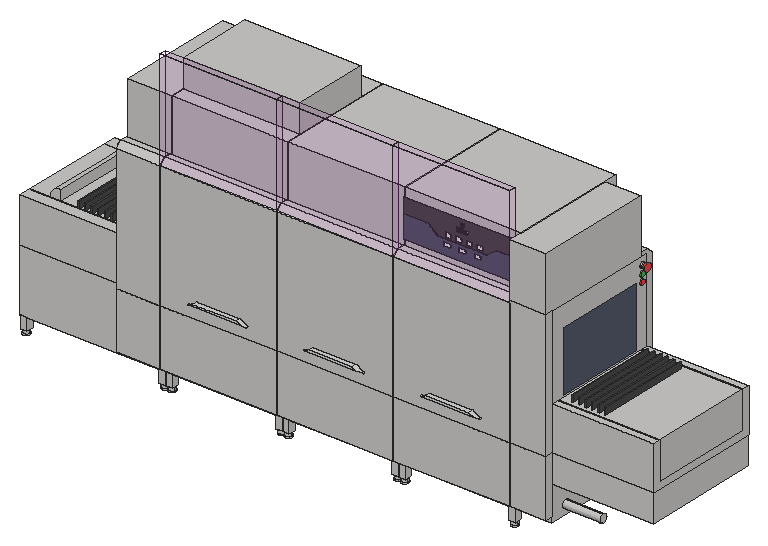
Revit family "QF_ELECTROLUXPROFESSIONAL_520704_EFTD052EL2U1D1M5R385", category Attrezzature speciali, Revit 2020
Family settings
  Quota connettore circolare = Usa diametro
  Tipo di parte = Normale
  Basato su piano di lavoro = No
  Sempre verticale = Sì
  Taglio con vuoti quando caricato = No
  Condiviso = No
  Punto di calcolo locali = No
Parameters (values of type "Standard")
  Weight = 899.00 kg
  Watts = 46500 W
  Volts = 380 V
  URL Manufacturer = "https://www.electroluxprofessional.com/"
  URL = "https://www.electroluxprofessional.com/"
  Steam Supply Size = 0 mm
  Steam Supply Minimum Pressure = 0.0 Pa
  Steam Supply Maximum Pressure = 0.0 Pa
  Steam Consumption per Hour = 0
  Show Logo [instance] = yes
  Show Clearance [instance] = yes
  Refrigeration Suction Line Size = 0 mm
  Refrigeration Liquid Line Size = 0 mm
  Refrigerant Compressor Remote = yes
  Prospetto di default = 0 mm
  Produttore = "Electrolux Professional"
  Phase = 3
  Modello = "EFTD052EL2U1D1M5R385"
  Length Actual = 4350 mm  # constant formula
  Item Number = "520704"
  Hot Water Size = 0 mm
  Height Actual = 1983 mm  # constant formula
  HP = "62.4 HP"
  Gas Size = 0 mm
  Gas KW = 0
  Gas Input Pressure = 0 W
  Direct Waste Size = 50.8 mm
  Descrizione = "FT, 1Tank, 5200D/H, El., 950mm loading, 1000mm unloading, 1Dryer, 55mm conveyor,R>L,380V50Hz3P"
  Depth Actual = 946 mm  # constant formula
  Cycle = 50 Hz
  Condensate Return Size = 0 mm
  Compressed Air Volume = 0.0 L/s
  Compressed Air Size = 0 mm
  Compressed Air Pressure = 0.0 Pa
  Cold Water Size = 0 mm
  Accessory = yes
Reference planes
  plane 1 "Centro (Fronte/Retro)": y = 0
  plane 2: z = 0
  plane 3 "Centro (Sinistra/Destra)": x = 0
  plane 4: z = 115
Forms (mm)
  Extrusion 1, solid, material "QF_Finishes_Stainless Steel"
    sketch origin (2282.404, 2, 1806.023) x (1, 0, 0) y (0, 0, 1)
      loop
        line (407.596, -163.023) -> (407.596, -183.023) -> (427.596, -183.023) -> (427.596, -163.023) -> (407.596, -163.023)
    from 0 to 2
  Extrusion 2, solid, material "QF_Finishes_Stainless Steel"
    sketch origin (-5.617, 22.464, 1290.159) x (0, 0, -1) y (0, 1, 0)
      loop
        circle (1102.159, -772.464) r 25
    from -9.383 to 5.617
  Extrusion 3, solid, material "QF_Finishes_Stainless Steel"
    sketch origin (2942.404, 2, 337.984) x (1, 0, 0) y (0, 0, 1)
      loop
        line (407.596, -163.023) -> (407.596, -183.023) -> (427.596, -183.023) -> (427.596, -163.023) -> (407.596, -163.023)
    from 0 to 2
  Extrusion 4, solid, material "QF_Finishes_Stainless Steel"
    sketch origin (347.841, 200.464, 109.383) x (1, 0, 0) y (0, 1, 0)
      loop
        circle (1102.159, -772.464) r 10
    from -9.383 to 5.617
  Extrusion 5, solid, material "QF_Finishes_Stainless Steel"
    sketch origin (418.841, 200.464, 109.383) x (1, 0, 0) y (0, 1, 0)
      loop
        circle (1102.159, -772.464) r 10
    from -9.383 to 5.617
  Extrusion 6, solid, material "QF_Finishes_Stainless Steel"
    sketch origin (3905.617, -1522.464, 1290.159) x (0, 0, -1) y (0, -1, 0)
      loop
        circle (1102.159, -772.464) r 25
    from -9.383 to 255.617
Dimensions and locks
  plane 4 to level = 115 mm
  aligned and locked: level to plane 2
Nested families
  nested 1: "MODULO_CENTER_800_FAN" at (1383.563, -388.258, 0), Show Clearance <- "Show Clearance", type "MODULO_CENTER_800_FAN"
    with Show Logo yes, Show Clearance yes, R_L no, L_R yes
  nested 2: "MODULO_CENTER_800" at (2983.563, -388.258, 0), Show Clearance <- "Show Clearance", type "MODULO_CENTER_800"
    with Show Logo yes, Show Clearance yes, R_L no, L_R yes
  nested 3: "MODULO_ENTRY_DISH_950" at (3791.437, -523.742, 0) x (-1, 0, 0) z (0, 0, 1), type "MODULO_ENTRY_DISH_950"
    with Show Logo yes, Show Clearance yes, R_L no, L_R yes
  nested 4: "MODULO_USCITA_DISH_1000" at (641.437, -523.742, 0) x (-1, 0, 0) z (0, 0, 1), type "MODULO_USCITA_DISH_1000"
    with Show Logo yes, Show Clearance yes, R_L no, L_R yes
  nested 5: "Piedino_Square_115H" at (23.5, -838.5, 0), type "Piedino_Square_115H"
  nested 6: "Piedino_Square_115H" at (23.5, -73.5, 0), type "Piedino_Square_115H"
  nested 7: "Piedino_Square_115H" at (976.5, -838.5, 0), type "Piedino_Square_115H"
  nested 8: "Piedino_Square_115H" at (976.5, -73.5, 0), type "Piedino_Square_115H"
  nested 9: "Piedino_Square_115H" at (1023.5, -838.5, 0), type "Piedino_Square_115H"
  nested 10: "Piedino_Square_115H" at (1023.5, -73.5, 0), type "Piedino_Square_115H"
  nested 11: "Piedino_Square_115H" at (1776.5, -838.5, 0), type "Piedino_Square_115H"
  nested 12: "Piedino_Square_115H" at (1776.5, -73.5, 0), type "Piedino_Square_115H"
  nested 13: "Piedino_Square_115H" at (1823.5, -838.5, 0) x (-1, 0, 0) z (0, 0, 1), type "Piedino_Square_115H"
  nested 14: "Piedino_Square_115H" at (1823.5, -73.5, 0) x (-1, 0, 0) z (0, 0, 1), type "Piedino_Square_115H"
  nested 15: "Piedino_Square_115H" at (2576.5, -838.5, 0) x (-1, 0, 0) z (0, 0, 1), type "Piedino_Square_115H"
  nested 16: "Piedino_Square_115H" at (2576.5, -73.5, 0) x (-1, 0, 0) z (0, 0, 1), type "Piedino_Square_115H"
  nested 17: "Piedino_Square_115H" at (2623.5, -838.5, 0), type "Piedino_Square_115H"
  nested 18: "Piedino_Square_115H" at (2623.5, -73.5, 0), type "Piedino_Square_115H"
  nested 19: "Piedino_Square_115H" at (3376.5, -838.5, 0), type "Piedino_Square_115H"
  nested 20: "Piedino_Square_115H" at (3376.5, -73.5, 0), type "Piedino_Square_115H"
  nested 21: "MANIGLIA_FLIGHT_400" at (3000, -912, 639.28) x (1, 0, 0) z (0, -1, 0), type "MANIGLIA_FLIGHT_400"
  nested 22: "MANIGLIA_FLIGHT_400" at (2200, -912, 639.28) x (1, 0, 0) z (0, -1, 0), type "MANIGLIA_FLIGHT_400"
  nested 23: "MANIGLIA_FLIGHT_400" at (1400, -912, 639.28) x (1, 0, 0) z (0, -1, 0), type "MANIGLIA_FLIGHT_400"
  nested 24: "Schermo_Flight_800" at (3000, -815, 1583) x (1, 0, 0) z (0, -1, 0), type "Schermo_Flight_800"
  nested 25: "ELX_LOGO_WORDS_WHITE" at (3000, -816.6, 1663) x (1, 0, 0) z (0, -1, 0), Show Logo <- "Show Logo", visible <- "Show Logo", type "ELX_LOGO_WORDS_WHITE"
    with Show Logo yes
  nested 26: "ELX_LOGO_MONO_SMALL_WHITE" at (2990.08, -816.6, 1649) x (-1, 0, 0) z (0, -1, 0), Show Logo <- "Show Logo", visible <- "Show Logo", type "ELX_LOGO_MONO_SMALL_WHITE"
    with Show Logo yes
  nested 27: "MODULO_CENTER_800" at (2216.437, -388.258, 0) x (-1, 0, 0) z (0, 0, 1), Show Clearance <- "Show Clearance", type "MODULO_CENTER_800"
    with Show Logo yes, Show Clearance yes, R_L no, L_R yes
Connectors
  electrical at (2700, 2, 1633)
    settings: on Extrusion 1, index 69, voltage 0 V, apparent load 0 VA, apparent load phase1 0 VA, apparent load phase2 0 VA, apparent load phase3 0 VA, power factor 1, load classification "Altro", number of poles 1, system type 30, power factor state 1, is connector primary yes, connector utility no, sub classification motor no, connector description "EI"
  piping at (-15, -750, 188), diameter 50
    settings: on Extrusion 2, index 70, connector inside diameter 609.6 mm, connector length 0 mm, flow factor 0, pipe flow 0.0 L/s, pressure drop 0.0 Pa, fitting loss kfactor 0, connector angle 0.00°, fixture units 0, engagement length 0 mm, angle of deflection 0.00°, flow configuration 0, flow direction 0, fitting loss method 0, system type 29, joint type 0, gender type 0, connector reference index -1, connector utility 0, adjustable connector no, is connector primary yes, connector description "D"
  electrical at (3360, 2, 164.961)
    settings: on Extrusion 3, index 71, voltage 0 V, apparent load 0 VA, apparent load phase1 0 VA, apparent load phase2 0 VA, apparent load phase3 0 VA, power factor 1, load classification "Altro", number of poles 1, system type 30, power factor state 1, is connector primary no, connector utility no, sub classification motor no, connector description "EQ"
  piping at (1450, -572, 100), diameter 19.1
    settings: on Extrusion 4, index 72, connector inside diameter 609.6 mm, connector length 0 mm, flow factor 0, pipe flow 0.0 L/s, pressure drop 0.0 Pa, fitting loss kfactor 0, connector angle 0.00°, fixture units 0, engagement length 0 mm, angle of deflection 0.00°, flow configuration 0, flow direction 0, fitting loss method 0, system type 29, joint type 0, gender type 0, connector reference index -1, connector utility 0, adjustable connector no, is connector primary no, connector description "HWI/CWI"
  piping at (1521, -572, 100), diameter 19.1
    settings: on Extrusion 5, index 73, connector inside diameter 609.6 mm, connector length 0 mm, flow factor 0, pipe flow 0.0 L/s, pressure drop 0.0 Pa, fitting loss kfactor 0, connector angle 0.00°, fixture units 0, engagement length 0 mm, angle of deflection 0.00°, flow configuration 0, flow direction 0, fitting loss method 0, system type 29, joint type 0, gender type 0, connector reference index -1, connector utility 0, adjustable connector no, is connector primary no, connector description "HWI/CWI"
  piping at (3915, -750, 188), diameter 50
    settings: on Extrusion 6, index 74, connector inside diameter 609.6 mm, connector length 0 mm, flow factor 0, pipe flow 0.0 L/s, pressure drop 0.0 Pa, fitting loss kfactor 0, connector angle 0.00°, fixture units 0, engagement length 0 mm, angle of deflection 0.00°, flow configuration 0, flow direction 0, fitting loss method 0, system type 29, joint type 0, gender type 0, connector reference index -1, connector utility 0, adjustable connector no, is connector primary no, connector description ""
Definition of nested family "MODULO_CENTER_800_FAN"
  Parameters (values of type "MODULO_CENTER_800_FAN")
    URL = "http://professional.electrolux.com"
    Show Logo [instance] = yes
    R_L [instance] = not(L_R)  # no
    Default Elevation = 0 mm
    Manufacturer = "Electrolux"
    Model = "ESR10E5"
    Length Actual = 800 mm
    Show Clearance [instance] = yes
    L_R [instance] = yes
    Height Actual = 1792 mm
    Description = "SINGLE RINSE RT, 100R/H, ELECTRIC 50HZ"
    Depth Actual = 912 mm
  Reference planes
    plane 1 "Center X": y = -67.742
    plane 2: z = 0
    plane 3 "LEFT": x = -383.563
    plane 4 "RIGHT": x = 416.437
    plane 5 "BACK": y = 388.258
    plane 6 "FEET": z = 115
    plane 7: z = 2092
    plane 8 "TOP": z = 1792
    plane 9 "FRONT": y = -523.742
    plane 10 "Left/Right": x = 16.437
    plane 11 "TopVent": z = 1983
  Forms (mm)
    Extrusion 1, solid
      sketch origin (416.437, 479.936, 4000) x (0, 1, 0) y (0, 0, 1)
        loop
          line (-91.678, -2208) -> (-906.678, -2208) -> (-906.678, -2580) -> (-91.678, -2580) -> (-91.678, -2208)
      from -800 to 0
    Extrusion 2, solid
      sketch origin (-383.563, 437.565, 3910) x (0, 1, 0) y (0, 0, 1)
        loop
          line (-99.307, -2490) -> (-911.307, -2490) -> (-911.307, -3552) -> (-99.307, -3552) -> (-99.307, -2490)
      from 800 to 0
    Extrusion 3, solid
      sketch origin (416.437, 479.936, 4299) x (0, 1, 0) y (0, 0, 1)
        loop
          line (-278.21, -2316) -> (-803.678, -2316) -> (-803.678, -2507) -> (-278.21, -2507) -> (-278.21, -2316)
      from -800 to 0
    Extrusion 4, solid
      sketch origin (16.437, 0, 1.5) x (0, 0, 1) y (0, -1, 0)
        loop
          line (356.5, -338.258) -> (356.5, 473.742) -> (113.5, 473.742) -> (113.5, -338.258) -> (356.5, -338.258)
      from 400 to -400
    Extrusion 5, solid
      sketch origin (16.437, 0, 0) x (0, 0, 1) y (0, -1, 0)
        loop
          line (1420, -338.258) -> (545, -338.258) -> (545, -388.258) -> (1420, -388.258) -> (1420, -338.258)
      from -400 to 400
    Extrusion 6, solid
      sketch origin (16.437, 0, 0) x (0, 0, 1) y (0, -1, 0)
        loop
          line (545, -388.258) -> (545, -338.258) -> (154, -338.258) -> (154, -388.258) -> (545, -388.258)
      from -400 to 400
    Extrusion 7, solid
      sketch origin (16.437, -882.484, -150) x (0, -1, 0) y (0, 0, 1)
        loop
          line (-358.742, 304) -> (-358.742, 695) -> (-408.742, 695) -> (-408.742, 304) -> (-358.742, 304)
      from -400 to 400
    Extrusion 8, solid
      sketch origin (16.437, -882.484, -151) x (0, -1, 0) y (0, 0, 1)
        loop
          line (-408.742, 1571) -> (-408.742, 696) -> (-358.742, 696) -> (-358.742, 1556) -> (-395.742, 1593) -> (-443.742, 1593) -> (-443.742, 1571) -> (-408.742, 1571)
      from -400 to 400
    Extrusion 9, solid, visible <- "Show Clearance"
      sketch origin (16.437, -882.484, 452) x (0, -1, 0) y (0, 0, 1)
        loop
          line (-408.742, 1640) -> (-408.742, 953.624) -> (-358.742, 953.624) -> (-358.742, 1640) -> (-408.742, 1640)
      from -400 to 400
  Dimensions and locks
    plane 3 "LEFT" to plane 4 "RIGHT" = 800 mm
    plane 5 "BACK" to plane 1 "Center X" to plane 9 "FRONT" = 456 mm, 456 mm
    plane 6 "FEET" to level = 115 mm  (x2)
    plane 6 "FEET" to plane 8 "TOP" = 1677 mm
    plane 5 "BACK" to plane 9 "FRONT" = 912 mm  (x2)
    plane 4 "RIGHT" to plane 3 "LEFT" = 800 mm
    plane 9 "FRONT" to plane 5 "BACK" = 912 mm
    level to plane 8 "TOP" = 1792 mm  (x2)
    plane 7 to level = 2092 mm
    plane 11 "TopVent" to plane 2 = 1983 mm
    plane 7 to plane 2 = 2092 mm
    Extrusion 2 to level = 1420 mm
    Extrusion 8 to level = 1442 mm
    plane 11 "TopVent" to level = 1983 mm
    aligned and locked: level to plane 2
Definition of nested family "MODULO_CENTER_800"
  Parameters (values of type "MODULO_CENTER_800")
    URL = "http://professional.electrolux.com"
    Show Logo [instance] = yes
    R_L [instance] = not(L_R)  # no
    Default Elevation = 0 mm
    Manufacturer = "Electrolux"
    Model = "ESR10E5"
    Length Actual = 800 mm
    Show Clearance [instance] = yes
    L_R [instance] = yes
    Height Actual = 1792 mm
    Description = "SINGLE RINSE RT, 100R/H, ELECTRIC 50HZ"
    Depth Actual = 912 mm
  Reference planes
    plane 1 "Center X": y = -67.742
    plane 2: z = 0
    plane 3 "LEFT": x = -383.563
    plane 4 "RIGHT": x = 416.437
    plane 5 "BACK": y = 388.258
    plane 6 "FEET": z = 115
    plane 7: z = 2092
    plane 8 "TOP": z = 1792
    plane 9 "FRONT": y = -523.742
    plane 10 "Left/Right": x = 16.437
  Forms (mm)
    Extrusion 1, solid
      sketch origin (416.437, 479.936, 4000) x (0, 1, 0) y (0, 0, 1)
        loop
          line (-91.678, -2208) -> (-906.678, -2208) -> (-906.678, -2580) -> (-91.678, -2580) -> (-91.678, -2208)
      from -800 to 0
    Extrusion 2, solid
      sketch origin (-383.563, 437.565, 3915) x (0, 1, 0) y (0, 0, 1)
        loop
          line (-99.307, -2495) -> (-911.307, -2495) -> (-911.307, -3557) -> (-99.307, -3557) -> (-99.307, -2495)
      from 800 to 0
    Extrusion 3, solid
      sketch origin (16.437, 0, 1.5) x (0, 0, 1) y (0, -1, 0)
        loop
          line (356.5, -338.258) -> (356.5, 473.742) -> (113.5, 473.742) -> (113.5, -338.258) -> (356.5, -338.258)
      from 400 to -400
    Extrusion 4, solid
      sketch origin (16.437, 0, 0) x (0, 0, 1) y (0, -1, 0)
        loop
          line (1420, -338.258) -> (545, -338.258) -> (545, -388.258) -> (1420, -388.258) -> (1420, -338.258)
      from -400 to 400
    Extrusion 5, solid
      sketch origin (16.437, 0, 0) x (0, 0, 1) y (0, -1, 0)
        loop
          line (545, -388.258) -> (545, -338.258) -> (154, -338.258) -> (154, -388.258) -> (545, -388.258)
      from -400 to 400
    Extrusion 6, solid
      sketch origin (16.437, -882.484, -150) x (0, -1, 0) y (0, 0, 1)
        loop
          line (-358.742, 304) -> (-358.742, 695) -> (-408.742, 695) -> (-408.742, 304) -> (-358.742, 304)
      from -400 to 400
    Extrusion 7, solid
      sketch origin (16.437, -882.484, -151) x (0, -1, 0) y (0, 0, 1)
        loop
          line (-408.742, 1571) -> (-408.742, 696) -> (-358.742, 696) -> (-358.742, 1556) -> (-395.742, 1593) -> (-443.742, 1593) -> (-443.742, 1571) -> (-408.742, 1571)
      from -400 to 400
    Extrusion 8, solid, visible <- "Show Clearance"
      sketch origin (16.437, -882.484, 452) x (0, -1, 0) y (0, 0, 1)
        loop
          line (-408.742, 1640) -> (-408.742, 953.624) -> (-358.742, 953.624) -> (-358.742, 1640) -> (-408.742, 1640)
      from -400 to 400
  Dimensions and locks
    plane 3 "LEFT" to plane 4 "RIGHT" = 800 mm
    plane 5 "BACK" to plane 1 "Center X" to plane 9 "FRONT" = 456 mm, 456 mm
    plane 6 "FEET" to level = 115 mm  (x2)
    plane 6 "FEET" to plane 8 "TOP" = 1677 mm
    plane 5 "BACK" to plane 9 "FRONT" = 912 mm  (x2)
    plane 4 "RIGHT" to plane 3 "LEFT" = 800 mm
    plane 9 "FRONT" to plane 5 "BACK" = 912 mm
    level to plane 8 "TOP" = 1792 mm  (x2)
    plane 7 to level = 2092 mm
    plane 7 to plane 2 = 2092 mm
    Extrusion 2 to level = 1420 mm
    Extrusion 7 to level = 1442 mm
    aligned and locked: level to plane 2
Definition of nested family "MODULO_ENTRY_DISH_950"
  Parameters (values of type "MODULO_ENTRY_DISH_950")
    URL = "http://professional.electrolux.com"
    Show Logo [instance] = yes
    R_L [instance] = not(L_R)  # no
    Default Elevation = 0 mm
    Manufacturer = "Electrolux"
    Model = "ESR10E5"
    Length Actual = 800 mm
    Show Clearance [instance] = yes
    L_R [instance] = yes
    Height Actual = 1792 mm
    Description = "SINGLE RINSE RT, 100R/H, ELECTRIC 50HZ"
    Depth Actual = 912 mm
  Reference planes
    plane 1 "Center (Front/Back)": y = -67.742
    plane 2: z = 0
    plane 3 "LEFT": x = -558.563
    plane 4 "RIGHT": x = 391.437
    plane 5 "BACK": y = 388.258
    plane 6 "FRONT": y = -523.742
    plane 7 "BUTTONS": y = -427.742
    plane 8: z = 115
    plane 9 "2": y = 292.258
  Forms (mm)
    Extrusion 1, solid, visible <- "L_R"
      sketch origin (391.437, 479.936, 4000) x (0, 1, 0) y (0, 0, 1)
        loop
          line (-91.678, -2208) -> (-906.678, -2208) -> (-906.678, -2580) -> (-91.678, -2580) -> (-91.678, -2208)
      from -250 to 0
    Extrusion 2, solid
      sketch origin (-358.563, 437.565, 3910) x (0, 1, 0) y (0, 0, 1)
        loop
          line (-99.307, -2490) -> (-911.307, -2490) -> (-911.307, -3552) -> (-99.307, -3552) -> (-99.307, -2490)
      from 750 to 500
    Extrusion 3, solid
      sketch origin (-558.563, 437.565, 3910) x (0, 1, 0) y (0, 0, 1)
        loop
          line (-99.307, -3365) -> (-99.307, -3060) -> (-149.307, -3060) -> (-149.307, -3315) -> (-861.307, -3315) -> (-861.307, -3060) -> (-911.307, -3060) -> (-911.307, -3365) -> (-99.307, -3365)
      from 700 to 0
    Extrusion 4, solid
      sketch origin (16.437, 0, -4.987) x (0, 0, 1) y (0, -1, 0)
        loop
          line (362.987, -338.258) -> (362.987, 473.742) -> (119.987, 473.742) -> (119.987, -338.258) -> (362.987, -338.258)
      from 375 to 125
    Extrusion 5, solid, visible <- "L_R"
      sketch origin (16.437, 0, 0) x (0, 0, 1) y (0, -1, 0)
        loop
          line (1420, -338.258) -> (545, -338.258) -> (545, -388.258) -> (1420, -388.258) -> (1420, -338.258)
      from 125 to 375
    Extrusion 6, solid
      sketch origin (16.437, 0, 0) x (0, 0, 1) y (0, -1, 0)
        loop
          line (545, -388.258) -> (545, -338.258) -> (154, -338.258) -> (154, -388.258) -> (545, -388.258)
      from 125 to 375
    Extrusion 7, solid
      sketch origin (-558.563, 437.565, 3607.258) x (0, 1, 0) y (0, 0, 1)
        loop
          line (-99.307, -3249.258) -> (-99.307, -3062.258) -> (-911.307, -3062.258) -> (-911.307, -3249.258) -> (-99.307, -3249.258)
      from 700 to 0
    Extrusion 8, solid
      sketch origin (-558.563, 437.565, 4000) x (0, 1, 0) y (0, 0, 1)
        loop
          line (-149.307, -3150) -> (-861.307, -3150) -> (-861.307, -3405) -> (-149.307, -3405) -> (-149.307, -3150)
      from 0 to 700
    Extrusion 9, solid
      sketch origin (266.437, -882.484, -150) x (0, -1, 0) y (0, 0, 1)
        loop
          line (-358.742, 304) -> (-358.742, 695) -> (-408.742, 695) -> (-408.742, 304) -> (-358.742, 304)
      from -125 to 125
    Extrusion 10, solid, visible <- "L_R"
      sketch origin (266.437, -882.484, -151) x (0, -1, 0) y (0, 0, 1)
        loop
          line (-408.742, 1571) -> (-408.742, 696) -> (-358.742, 696) -> (-358.742, 1556) -> (-395.742, 1593) -> (-443.742, 1593) -> (-443.742, 1571) -> (-408.742, 1571)
      from -125 to 125
    Extrusion 11, solid
      sketch origin (-358.563, 437.565, 4000) x (0, 1, 0) y (0, 0, 1)
        loop
          line (-199.307, -2725.701) -> (-811.307, -2725.701) -> (-811.307, -3137.701) -> (-199.307, -3137.701) -> (-199.307, -2725.701)
      from 495.458 to 500
    Extrusion 12, solid, visible <- "R_L"
      sketch origin (266.437, 747, -151) x (0, 1, 0) y (0, 0, -1)
        loop
          line (-408.742, -1571) -> (-443.742, -1571) -> (-443.742, -1593) -> (-395.742, -1593) -> (-358.742, -1556) -> (-358.742, -696) -> (-408.742, -696) -> (-408.742, -1571)
      from -125 to 125
    Extrusion 13, solid, visible <- "R_L"
      sketch origin (16.437, -135.484, 0) x (0, 0, 1) y (0, -1, 0)
        loop
          line (1420, 338.258) -> (1420, 388.258) -> (545, 388.258) -> (545, 338.258) -> (1420, 338.258)
      from 125 to 375
    Extrusion 14, solid, visible <- "R_L"
      sketch origin (391.437, -615.42, 4000) x (0, -1, 0) y (0, 0, -1)
        loop
          line (-91.678, 2208) -> (-91.678, 2580) -> (-906.678, 2580) -> (-906.678, 2208) -> (-91.678, 2208)
      from -250 to 0
    Extrusion 15, solid
      sketch origin (-191.477, -192.742, -3) x (-1, 0, 0) y (0, 0, 1)
        loop
          line (-26.676, 853) -> (-26.676, 898) -> (-36.676, 898) -> (-36.676, 853) -> (-26.676, 853)
      from -196 to 446
    Extrusion 16, solid
      sketch origin (-146.477, -192.742, -3) x (-1, 0, 0) y (0, 0, 1)
        loop
          line (-26.676, 853) -> (-26.676, 898) -> (-36.676, 898) -> (-36.676, 853) -> (-26.676, 853)
      from -196 to 446
    Extrusion 17, solid
      sketch origin (-101.477, -192.742, -3) x (-1, 0, 0) y (0, 0, 1)
        loop
          line (-26.676, 853) -> (-26.676, 898) -> (-36.676, 898) -> (-36.676, 853) -> (-26.676, 853)
      from -196 to 446
    Extrusion 18, solid
      sketch origin (-56.477, -192.742, -3) x (-1, 0, 0) y (0, 0, 1)
        loop
          line (-26.676, 853) -> (-26.676, 898) -> (-36.676, 898) -> (-36.676, 853) -> (-26.676, 853)
      from -196 to 446
    Extrusion 19, solid
      sketch origin (-11.477, -192.742, -3) x (-1, 0, 0) y (0, 0, 1)
        loop
          line (-26.676, 853) -> (-26.676, 898) -> (-36.676, 898) -> (-36.676, 853) -> (-26.676, 853)
      from -196 to 446
    Extrusion 20, solid
      sketch origin (33.523, -192.742, -3) x (-1, 0, 0) y (0, 0, 1)
        loop
          line (-26.676, 853) -> (-26.676, 898) -> (-36.676, 898) -> (-36.676, 853) -> (-26.676, 853)
      from -196 to 446
  Dimensions and locks
    plane 3 "LEFT" to plane 4 "RIGHT" = 950 mm
    plane 5 "BACK" to plane 1 "Center (Front/Back)" to plane 6 "FRONT" = 456 mm, 456 mm
    plane 5 "BACK" to plane 6 "FRONT" = 912 mm  (x2)
    plane 4 "RIGHT" to plane 3 "LEFT" = 950 mm  (x2)
    plane 6 "FRONT" to plane 5 "BACK" = 912 mm
    plane 8 to level = 115 mm
    Extrusion 1 to level = 1792 mm
    Extrusion 3 to level = 850 mm
    aligned and locked: level to plane 2
  Nested families
    nested 1: "BOTTONE_RED_STOP" at (141.437, -427.742, 1266.906) x (0, -1, 0) z (-1, 0, 0), visible <- "L_R", type "BOTTONE_RED_STOP"
    nested 2: "BOTTONE_EMERGENCY_STOP" at (141.437, -427.742, 1370) x (0, -1, 0) z (-1, 0, 0), visible <- "L_R", type "BOTTONE_EMERGENCY_STOP"
    nested 3: "BOTTONE_GREEN_START" at (141.437, -427.742, 1316.906) x (0, -1, 0) z (-1, 0, 0), visible <- "L_R", type "BOTTONE_GREEN_START"
    nested 4: "BOTTONE_RED_STOP" at (141.437, 292.258, 1267.906) x (0, 1, 0) z (-1, 0, 0), visible <- "R_L", type "BOTTONE_RED_STOP"
    nested 5: "BOTTONE_EMERGENCY_STOP" at (141.437, 292.258, 1371) x (0, 1, 0) z (-1, 0, 0), visible <- "R_L", type "BOTTONE_EMERGENCY_STOP"
    nested 6: "BOTTONE_GREEN_START" at (141.437, 292.258, 1317.906) x (0, 1, 0) z (-1, 0, 0), visible <- "R_L", type "BOTTONE_GREEN_START"
  Definition of nested family "BOTTONE_RED_STOP"
    Parameters (values of type "BOTTONE_RED_STOP")
      Default Elevation = 1219.2 mm
    Reference planes
      plane 1 "Centro (Fronte/Retro)": y = 0
      plane 2: z = 0
      plane 3 "Centro (Sinistra/Destra)": x = 0
    Forms (mm)
      Extrusion 1, solid
        sketch origin (0, 0, 0) x (1, 0, 0) y (0, 1, 0)
          loop
            line (-1219.2, 1219.2) -> (-1219.2, -1219.2) -> (1219.2, -1219.2) -> (1219.2, 1219.2) -> (-1219.2, 1219.2)
        from 0 to -304.8
      Extrusion 2, solid
        sketch origin (-367.513, 69.533, 15) x (-1, 0, 0) y (0, 1, 0)
          loop
            circle (-367.513, -69.533) r 15
        from 0 to 15
    Dimensions and locks
      aligned and locked: plane 2 to Extrusion 1
      aligned and locked: level to Extrusion 1
  Definition of nested family "BOTTONE_EMERGENCY_STOP"
    Parameters
      Default Elevation = 1219.2 mm
    Reference planes
      plane 1 "Centro (Fronte/Retro)": y = 0
      plane 2: z = 0
      plane 3 "Centro (Sinistra/Destra)": x = 0
    Forms (mm)
      Extrusion 1, solid
        sketch origin (0, 0, 0) x (1, 0, 0) y (0, 1, 0)
          loop
            line (-1219.2, 1219.2) -> (-1219.2, -1219.2) -> (1219.2, -1219.2) -> (1219.2, 1219.2) -> (-1219.2, 1219.2)
        from 0 to -304.8
      Extrusion 2, solid
        sketch origin (0, 0, 0) x (1, 0, 0) y (0, 1, 0)
          loop
            circle (0, 0) r 15
        from 0 to 20.273
      Blend 3, solid
        base sketch origin (-49.801, 0, 0) x (1, 0, 0) y (0, 1, 0)
          loop
            circle (49.801, 0) r 15
        top sketch origin (-49.801, 0, 0) x (1, 0, 0) y (0, 1, 0)
          loop
            circle (49.801, 0) r 25
        from 20.273 to 47.605
    Dimensions and locks
      aligned and locked: plane 2 to Extrusion 1
      aligned and locked: level to Extrusion 1
  Definition of nested family "BOTTONE_GREEN_START"
    Parameters (values of type "BOTTONE_GREEN_START")
      Default Elevation = 1219.2 mm
    Reference planes
      plane 1 "Centro (Fronte/Retro)": y = 0
      plane 2: z = 0
      plane 3 "Centro (Sinistra/Destra)": x = 0
    Forms (mm)
      Extrusion 1, solid
        sketch origin (0, 0, 0) x (1, 0, 0) y (0, 1, 0)
          loop
            line (-1219.2, 1219.2) -> (-1219.2, -1219.2) -> (1219.2, -1219.2) -> (1219.2, 1219.2) -> (-1219.2, 1219.2)
        from 0 to -304.8
      Extrusion 2, solid
        sketch origin (-367.513, 69.533, 15) x (-1, 0, 0) y (0, 1, 0)
          loop
            circle (-367.513, -69.533) r 15
        from 0 to 15
    Dimensions and locks
      aligned and locked: plane 2 to Extrusion 1
      aligned and locked: level to Extrusion 1
Definition of nested family "MODULO_USCITA_DISH_1000"
  Parameters (values of type "MODULO_USCITA_DISH_1000")
    URL = "http://professional.electrolux.com"
    Show Logo [instance] = yes
    R_L [instance] = not(L_R)  # yes
    Default Elevation = 0 mm
    Manufacturer = "Electrolux"
    Model = "ESR10E5"
    Length Actual = 800 mm
    Show Clearance [instance] = yes
    L_R [instance] = no
    Height Actual = 1792 mm
    Description = "SINGLE RINSE RT, 100R/H, ELECTRIC 50HZ"
    Depth Actual = 912 mm
  Reference planes
    plane 1 "Center (Front/Back)": y = -67.742
    plane 2: z = 0
    plane 3 "LEFT": x = -358.563
    plane 4 "BACK": y = 388.258
    plane 5 "FEET": z = 115
    plane 6 "TOP": z = 1792
    plane 7 "FRONT": y = -523.742
    plane 8 "Left/Right": x = 16.437
    plane 9: x = -358.563
    plane 10: y = -427.742
    plane 11 "RIGHT": x = 641.437
  Forms (mm)
    Extrusion 1, solid, visible <- "R_L"
      sketch origin (-358.563, 479.936, 4003) x (0, 1, 0) y (0, 0, -1)
        loop
          line (-91.678, 2211) -> (-91.678, 2583) -> (-906.678, 2583) -> (-906.678, 2211) -> (-91.678, 2211)
      from -300 to 0
    Extrusion 2, solid
      sketch origin (-358.563, 437.565, 4003) x (0, 1, 0) y (0, 0, 1)
        loop
          line (-99.307, -3458) -> (-911.307, -3458) -> (-911.307, -3888) -> (-99.307, -3888) -> (-99.307, -3458)
      from 300 to 0
    Extrusion 3, solid
      sketch origin (-358.563, 479.936, 4003) x (0, 1, 0) y (0, 0, -1)
        loop
          line (-141.678, 2583) -> (-141.678, 3458) -> (-953.678, 3458) -> (-953.678, 2583) -> (-141.678, 2583)
      from -300 to 0
    Extrusion 4, solid
      sketch origin (391.437, 437.565, 3913) x (0, 1, 0) y (0, 0, -1)
        loop
          line (-99.307, 3368) -> (-911.307, 3368) -> (-911.307, 3063) -> (-826.307, 3063) -> (-826.307, 3318) -> (-184.307, 3318) -> (-184.307, 3063) -> (-99.307, 3063) -> (-99.307, 3368)
      from 450 to -250
    Extrusion 5, solid, visible <- "R_L"
      sketch origin (16.437, 0, 3) x (0, 0, 1) y (0, 1, 0)
        loop
          line (1417, 338.258) -> (1417, 388.258) -> (542, 388.258) -> (542, 338.258) -> (1417, 338.258)
      from 75 to 375
    Extrusion 6, solid
      sketch origin (16.437, 0, 3) x (0, 0, 1) y (0, 1, 0)
        loop
          line (542, 388.258) -> (151, 388.258) -> (151, 338.258) -> (542, 338.258) -> (542, 388.258)
      from 75 to 375
    Extrusion 7, solid
      sketch origin (391.437, 437.565, 3610.258) x (0, 1, 0) y (0, 0, -1)
        loop
          line (-99.307, 3495.258) -> (-911.307, 3495.258) -> (-911.307, 3065.258) -> (-99.307, 3065.258) -> (-99.307, 3495.258)
      from 450 to -250
    Extrusion 8, solid
      sketch origin (641.437, 0, 3) x (0, 1, 0) y (0, 0, 1)
        loop
          line (253.258, 847) -> (-388.742, 847) -> (-388.742, 592) -> (253.258, 592) -> (253.258, 847)
      from 0 to -700
    Extrusion 9, solid
      sketch origin (-358.563, 437.565, 3928) x (0, 1, 0) y (0, 0, 1)
        loop
          line (-811.307, -3065.701) -> (-199.307, -3065.701) -> (-199.307, -2653.701) -> (-811.307, -2653.701) -> (-811.307, -3065.701)
      from 300 to 304.77
    Extrusion 10, solid
      sketch origin (-208.563, -115, -147) x (0, 1, 0) y (0, 0, 1)
        loop
          line (-358.742, 301) -> (-358.742, 692) -> (-408.742, 692) -> (-408.742, 301) -> (-358.742, 301)
      from -150 to 150
    Extrusion 11, solid, visible <- "R_L"
      sketch origin (-208.563, -882.484, -151) x (0, -1, 0) y (0, 0, 1)
        loop
          line (-408.742, 1571) -> (-408.742, 696) -> (-358.742, 696) -> (-358.742, 1556) -> (-395.742, 1593) -> (-443.742, 1593) -> (-443.742, 1571) -> (-408.742, 1571)
      from -150 to 150
    Extrusion 12, solid
      sketch origin (-39.574, -192.742, -3) x (-1, 0, 0) y (0, 0, 1)
        loop
          line (-26.676, 853) -> (-26.676, 898) -> (-36.676, 898) -> (-36.676, 853) -> (-26.676, 853)
      from -196 to 446
    Extrusion 13, solid
      sketch origin (5.426, -192.742, -3) x (-1, 0, 0) y (0, 0, 1)
        loop
          line (-26.676, 853) -> (-26.676, 898) -> (-36.676, 898) -> (-36.676, 853) -> (-26.676, 853)
      from -196 to 446
    Extrusion 14, solid
      sketch origin (50.426, -192.742, -3) x (-1, 0, 0) y (0, 0, 1)
        loop
          line (-26.676, 853) -> (-26.676, 898) -> (-36.676, 898) -> (-36.676, 853) -> (-26.676, 853)
      from -196 to 446
    Extrusion 15, solid
      sketch origin (95.426, -192.742, -3) x (-1, 0, 0) y (0, 0, 1)
        loop
          line (-26.676, 853) -> (-26.676, 898) -> (-36.676, 898) -> (-36.676, 853) -> (-26.676, 853)
      from -196 to 446
    Extrusion 16, solid
      sketch origin (140.426, -192.742, -3) x (-1, 0, 0) y (0, 0, 1)
        loop
          line (-26.676, 853) -> (-26.676, 898) -> (-36.676, 898) -> (-36.676, 853) -> (-26.676, 853)
      from -196 to 446
    Extrusion 17, solid
      sketch origin (185.426, -192.742, -3) x (-1, 0, 0) y (0, 0, 1)
        loop
          line (-26.676, 853) -> (-26.676, 898) -> (-36.676, 898) -> (-36.676, 853) -> (-26.676, 853)
      from -196 to 446
    Extrusion 18, solid
      sketch origin (230.426, -192.742, -3) x (-1, 0, 0) y (0, 0, 1)
        loop
          line (-26.676, 853) -> (-26.676, 898) -> (-36.676, 898) -> (-36.676, 853) -> (-26.676, 853)
      from -196 to 446
    Extrusion 19, solid
      sketch origin (275.426, -192.742, -3) x (-1, 0, 0) y (0, 0, 1)
        loop
          line (-26.676, 853) -> (-26.676, 898) -> (-36.676, 898) -> (-36.676, 853) -> (-26.676, 853)
      from -196 to 446
    Revolve 20, solid
      sketch origin (0, 0, 850) x (1, 0, 0) y (0, 1, 0)
        loop
          line (430.204, 253.258) -> (430.204, -388.742) -> (502.335, -388.742) -> (502.335, 253.258) -> (430.204, 253.258)
        axis (430.204, 253.258) -> (430.204, -388.742)
      angle from 0 to -90
    Extrusion 21, solid, visible <- "L_R"
      sketch origin (-208.563, 747, -151) x (0, 1, 0) y (0, 0, -1)
        loop
          line (-408.742, -1571) -> (-443.742, -1571) -> (-443.742, -1593) -> (-395.742, -1593) -> (-358.742, -1556) -> (-358.742, -696) -> (-408.742, -696) -> (-408.742, -1571)
      from -150 to 150
    Extrusion 22, solid, visible <- "L_R"
      sketch origin (16.437, -135.484, 3) x (0, 0, 1) y (0, 1, 0)
        loop
          line (1417, -338.258) -> (542, -338.258) -> (542, -388.258) -> (1417, -388.258) -> (1417, -338.258)
      from 75 to 375
    Extrusion 23, solid, visible <- "L_R"
      sketch origin (-358.563, -615.42, 4003) x (0, -1, 0) y (0, 0, 1)
        loop
          line (-91.678, -2211) -> (-906.678, -2211) -> (-906.678, -2583) -> (-91.678, -2583) -> (-91.678, -2211)
      from -300 to 0
  Dimensions and locks
    plane 4 "BACK" to plane 1 "Center (Front/Back)" to plane 7 "FRONT" = 456 mm, 456 mm
    plane 5 "FEET" to level = 115 mm  (x2)
    plane 4 "BACK" to plane 7 "FRONT" = 912 mm  (x2)
    plane 7 "FRONT" to plane 4 "BACK" = 912 mm
    level to plane 6 "TOP" = 1792 mm
    plane 3 "LEFT" to plane 8 "Left/Right" = 375 mm
    plane 8 "Left/Right" to plane 11 "RIGHT" = 625 mm
    plane 3 "LEFT" to plane 11 "RIGHT" = 1000 mm
    plane 9 to plane 11 "RIGHT" = 1000 mm
    plane 6 "TOP" to level = 1792 mm
    aligned and locked: level to plane 2
  Nested families
    nested 1: "BOTTONE_EMERGENCY_STOP" at (-58.563, -427.742, 1369) x (0, -1, 0) z (1, 0, 0), visible <- "R_L", type "BOTTONE_EMERGENCY_STOP"
    nested 2: "BOTTONE_GREEN_START" at (-58.563, -427.742, 1315.906) x (0, -1, 0) z (1, 0, 0), visible <- "R_L", type "BOTTONE_GREEN_START"
    nested 3: "BOTTONE_RED_STOP" at (-58.563, -427.742, 1265.906) x (0, -1, 0) z (1, 0, 0), visible <- "R_L", type "BOTTONE_RED_STOP"
    nested 4: "BOTTONE_EMERGENCY_STOP" at (-58.563, 292.258, 1369) x (0, 1, 0) z (1, 0, 0), visible <- "L_R", type "BOTTONE_EMERGENCY_STOP"
    nested 5: "BOTTONE_GREEN_START" at (-58.563, 292.258, 1315.906) x (0, 1, 0) z (1, 0, 0), visible <- "L_R", type "BOTTONE_GREEN_START"
    nested 6: "BOTTONE_RED_STOP" at (-58.563, 292.258, 1265.906) x (0, 1, 0) z (1, 0, 0), visible <- "L_R", type "BOTTONE_RED_STOP"
  Definition of nested family "BOTTONE_EMERGENCY_STOP"
    Parameters
      Default Elevation = 1219.2 mm
    Reference planes
      plane 1 "Centro (Fronte/Retro)": y = 0
      plane 2: z = 0
      plane 3 "Centro (Sinistra/Destra)": x = 0
    Forms (mm)
      Extrusion 1, solid
        sketch origin (0, 0, 0) x (1, 0, 0) y (0, 1, 0)
          loop
            line (-1219.2, 1219.2) -> (-1219.2, -1219.2) -> (1219.2, -1219.2) -> (1219.2, 1219.2) -> (-1219.2, 1219.2)
        from 0 to -304.8
      Extrusion 2, solid
        sketch origin (0, 0, 0) x (1, 0, 0) y (0, 1, 0)
          loop
            circle (0, 0) r 15
        from 0 to 20.273
      Blend 3, solid
        base sketch origin (-49.801, 0, 0) x (1, 0, 0) y (0, 1, 0)
          loop
            circle (49.801, 0) r 15
        top sketch origin (-49.801, 0, 0) x (1, 0, 0) y (0, 1, 0)
          loop
            circle (49.801, 0) r 25
        from 20.273 to 47.605
    Dimensions and locks
      aligned and locked: plane 2 to Extrusion 1
      aligned and locked: level to Extrusion 1
  Definition of nested family "BOTTONE_GREEN_START"
    Parameters (values of type "BOTTONE_GREEN_START")
      Default Elevation = 1219.2 mm
    Reference planes
      plane 1 "Centro (Fronte/Retro)": y = 0
      plane 2: z = 0
      plane 3 "Centro (Sinistra/Destra)": x = 0
    Forms (mm)
      Extrusion 1, solid
        sketch origin (0, 0, 0) x (1, 0, 0) y (0, 1, 0)
          loop
            line (-1219.2, 1219.2) -> (-1219.2, -1219.2) -> (1219.2, -1219.2) -> (1219.2, 1219.2) -> (-1219.2, 1219.2)
        from 0 to -304.8
      Extrusion 2, solid
        sketch origin (-367.513, 69.533, 15) x (-1, 0, 0) y (0, 1, 0)
          loop
            circle (-367.513, -69.533) r 15
        from 0 to 15
    Dimensions and locks
      aligned and locked: plane 2 to Extrusion 1
      aligned and locked: level to Extrusion 1
  Definition of nested family "BOTTONE_RED_STOP"
    Parameters (values of type "BOTTONE_RED_STOP")
      Default Elevation = 1219.2 mm
    Reference planes
      plane 1 "Centro (Fronte/Retro)": y = 0
      plane 2: z = 0
      plane 3 "Centro (Sinistra/Destra)": x = 0
    Forms (mm)
      Extrusion 1, solid
        sketch origin (0, 0, 0) x (1, 0, 0) y (0, 1, 0)
          loop
            line (-1219.2, 1219.2) -> (-1219.2, -1219.2) -> (1219.2, -1219.2) -> (1219.2, 1219.2) -> (-1219.2, 1219.2)
        from 0 to -304.8
      Extrusion 2, solid
        sketch origin (-367.513, 69.533, 15) x (-1, 0, 0) y (0, 1, 0)
          loop
            circle (-367.513, -69.533) r 15
        from 0 to 15
    Dimensions and locks
      aligned and locked: plane 2 to Extrusion 1
      aligned and locked: level to Extrusion 1
Definition of nested family "Piedino_Square_115H"
  Parameters (values of type "Piedino_Square_115H")
    Default Elevation = 0 mm
  Reference planes
    plane 1 "Centro (Fronte/Retro)": y = 0
    plane 2: z = 0
    plane 3 "Centro (Sinistra/Destra)": x = 0
    plane 4: z = 115
  Forms (mm)
    Extrusion 1, solid
      sketch origin (0, 0, 0) x (1, 0, 0) y (0, 1, 0)
        loop
          circle (0, 0) r 23
      from 0 to 5
    Extrusion 2, solid
      sketch origin (0, 0, 5) x (1, 0, 0) y (0, 1, 0)
        loop
          circle (0, 0) r 20
      from 0 to 25.777
    Extrusion 3, solid
      sketch origin (0, 0, 30.777) x (1, 0, 0) y (0, 1, 0)
        loop
          line (-23.5, 23.5) -> (-23.5, -23.5) -> (23.5, -23.5) -> (23.5, 23.5) -> (-23.5, 23.5)
      from 0 to 84.223
  Dimensions and locks
    plane 4 to level = 115 mm  (x2)
    radius of Extrusion 1 sketch curve = 23 mm
    aligned and locked: level to plane 2
    aligned and locked: Extrusion 1 to level
Definition of nested family "MANIGLIA_FLIGHT_400"
  Parameters
    Default Elevation = 1219.2 mm
  Reference planes
    plane 1 "Centro (Fronte/Retro)": y = 0
    plane 2: z = 0
    plane 3 "Centro (Sinistra/Destra)": x = 0
  Forms (mm)
    Extrusion 1, solid
      sketch origin (0, 0, 0) x (1, 0, 0) y (0, 1, 0)
        loop
          line (-1219.2, 1219.2) -> (-1219.2, -1219.2) -> (1219.2, -1219.2) -> (1219.2, 1219.2) -> (-1219.2, 1219.2)
      from 0 to -304.8
    Extrusion 2, solid
      sketch origin (-503, 656.113, -50) x (-1, 0, 0) y (0, 1, 0)
        loop
          line (-651.038, -638.613) -> (-703, -668.613) -> (-703, -673.613) -> (-658.503, -673.613) -> (-623.862, -653.613) -> (-382.138, -653.613) -> (-347.497, -673.613) -> (-303, -673.613) -> (-303, -668.613) -> (-354.962, -638.613) -> (-651.038, -638.613)
      from -86.258 to -50
    Extrusion 3, void
      sketch origin (0, -681.887, 358.742) x (0, 0, 1) y (0, 1, 0)
        loop
          line (-322.484, 684.387) -> (-353.281, 664.387) -> (-322.484, 664.387) -> (-322.484, 684.387)
      from -200 to 200
  Cuts and joins
    Extrusion 3 cuts Extrusion 2
  Dimensions and locks
    cut or joined group of Extrusion 2, Extrusion 3 to cut or joined group of Extrusion 2, Extrusion 3 = 400 mm
    cut or joined group of Extrusion 2, Extrusion 3 to cut or joined group of Extrusion 2, Extrusion 3 = 35 mm
    aligned and locked: plane 2 to Extrusion 1
    aligned and locked: level to Extrusion 1
Definition of nested family "Schermo_Flight_800"
  Parameters (values of type "Schermo_Flight_800")
    Default Elevation = 1219.2 mm
  Reference planes
    plane 1 "Center (Front/Back)": y = 0
    plane 2: z = 0
    plane 3 "Center (Left/Right)": x = 0
  Forms (mm)
    Extrusion 1, solid
      sketch origin (0, 0, 0) x (1, 0, 0) y (0, 1, 0)
        loop
          line (-1219.2, 1219.2) -> (-1219.2, -1219.2) -> (1219.2, -1219.2) -> (1219.2, 1219.2) -> (-1219.2, 1219.2)
      from 0 to -304.8
    Extrusion 2, solid
      sketch origin (0, -25, 0) x (1, 0, 0) y (0, 1, 0)
        loop
          line (-400, -82.94) -> (400, -82.94) -> (400, 70.507) -> (238.561, 70.507) -> (167.154, 20.507) -> (-167.154, 20.507) -> (-238.561, 70.507) -> (-400, 70.507) -> (-400, -82.94)
        loop
          line (-126.915, -7.668) -> (-126.915, -27.668) -> (-81.915, -27.668) -> (-81.915, -7.668) -> (-126.915, -7.668)
        loop
          line (-22.5, -7.668) -> (-22.5, -27.668) -> (22.5, -27.668) -> (22.5, -7.668) -> (-22.5, -7.668)
        loop
          line (126.915, -7.668) -> (81.915, -7.668) -> (81.915, -27.668) -> (126.915, -27.668) -> (126.915, -7.668)
      from 0 to 1.6
    Extrusion 3, solid
      sketch origin (0, -25, 0) x (1, 0, 0) y (0, 1, 0)
        loop
          line (-400, 177.06) -> (-400, 70.507) -> (-238.561, 70.507) -> (-167.154, 20.507) -> (167.154, 20.507) -> (238.561, 70.507) -> (400, 70.507) -> (400, 177.06) -> (-400, 177.06)
        loop
          line (-117.417, 56.68) -> (-117.417, 31.68) -> (-77.417, 31.68) -> (-77.417, 56.68) -> (-117.417, 56.68)
        loop
          line (-47.417, 56.68) -> (-47.417, 31.68) -> (-7.417, 31.68) -> (-7.417, 56.68) -> (-47.417, 56.68)
        loop
          line (27.583, 56.68) -> (27.583, 31.68) -> (67.583, 31.68) -> (67.583, 56.68) -> (27.583, 56.68)
        loop
          line (97.583, 56.68) -> (97.583, 31.68) -> (137.583, 31.68) -> (137.583, 56.68) -> (97.583, 56.68)
      from 0 to 1.6
    Extrusion 4, solid
      sketch origin (0, 0, 0) x (1, 0, 0) y (0, 1, 0)
        loop
          line (-117.417, 31.68) -> (-117.417, 6.68) -> (-77.417, 6.68) -> (-77.417, 31.68) -> (-117.417, 31.68)
        loop
          line (-47.417, 31.68) -> (-47.417, 6.68) -> (-7.417, 6.68) -> (-7.417, 31.68) -> (-47.417, 31.68)
        loop
          line (27.583, 31.68) -> (27.583, 6.68) -> (67.583, 6.68) -> (67.583, 31.68) -> (27.583, 31.68)
        loop
          line (97.583, 31.68) -> (97.583, 6.68) -> (137.583, 6.68) -> (137.583, 31.68) -> (97.583, 31.68)
        loop
          line (-126.915, -32.668) -> (-126.915, -52.668) -> (-81.915, -52.668) -> (-81.915, -32.668) -> (-126.915, -32.668)
        loop
          line (-22.5, -32.668) -> (-22.5, -52.668) -> (22.5, -52.668) -> (22.5, -32.668) -> (-22.5, -32.668)
        loop
          line (81.915, -32.668) -> (81.915, -52.668) -> (126.915, -52.668) -> (126.915, -32.668) -> (81.915, -32.668)
      from 0 to 1.6
  Dimensions and locks
    Extrusion 3 to Extrusion 3 = 800 mm
    Extrusion 2 to Extrusion 3 = 260 mm
    aligned and locked: plane 2 to Extrusion 1
    aligned and locked: level to Extrusion 1
Definition of nested family "ELX_LOGO_WORDS_WHITE"
  Parameters (values of type "ELX_LOGO_WORDS_WHITE")
    Show Logo [instance] = yes
    Default Elevation = 0 mm
  Reference planes
    plane 1 "Centro (Fronte/Retro)": y = 0
    plane 2: z = 0
    plane 3 "Centro (Sinistra/Destra)": x = 0
  Forms (mm)
    Extrusion 1, solid
      sketch origin (0, 0, 0) x (1, 0, 0) y (0, 1, 0)
        loop
          line (-1219.2, 1219.2) -> (-1219.2, -1219.2) -> (1219.2, -1219.2) -> (1219.2, 1219.2) -> (-1219.2, 1219.2)
      from 0 to -304.8
    Extrusion 2, solid, visible <- "Show Logo"
      sketch origin (0, 0, 0) x (1, 0, 0) y (0, 1, 0)
        loop
          line (-30.234, 10.561) -> (-37.67, 10.561) -> (-37.67, 1.902)
          arc (-37.67, 1.902) -> (-36.691, -0.461) -> (-34.329, -1.439) r 3.341
          line (-34.329, -1.439) -> (-30.09, -1.439) -> (-30.09, 0.503) -> (-33.845, 0.503)
          arc (-33.845, 0.503) -> (-35.079, 0.92) -> (-35.604, 2.112) r 1.615
          line (-35.604, 2.112) -> (-35.604, 3.829) -> (-30.555, 3.829) -> (-30.555, 5.779) -> (-35.604, 5.779) -> (-35.604, 8.617) -> (-30.234, 8.617) -> (-30.234, 10.561)
        loop
          line (-28.622, 10.561) -> (-28.622, -1.439) -> (-26.555, -1.439) -> (-26.555, 10.561) -> (-28.622, 10.561)
        loop
          line (16.27, 10.561) -> (16.27, -1.439) -> (18.338, -1.439) -> (18.338, 10.561) -> (16.27, 10.561)
        loop
          line (-23.137, 2.393) -> (-16.354, 2.393)
          arc (-16.354, 2.393) -> (-17.415, 6.119) -> (-21.043, 7.478) r 4.298
          arc (-21.043, 7.478) -> (-24.239, 5.857) -> (-25.151, 2.393) r 4.373
          arc (-25.151, 2.393) -> (-23.951, -0.505) -> (-21.053, -1.705) r 4.097
          arc (-21.053, -1.705) -> (-18.799, -1.372) -> (-16.908, -0.099) r 5.15
          line (-16.908, -0.099) -> (-18.133, 1.125)
          arc (-18.133, 1.125) -> (-19.74, 0.161) -> (-21.607, 0.323) r 3.039
          arc (-21.607, 0.323) -> (-22.746, 1.081) -> (-23.137, 2.393) r 2.013
        loop
          line (-23.085, 3.846) -> (-18.431, 3.846)
          arc (-18.431, 3.846) -> (-19.084, 5.22) -> (-20.519, 5.727) r 1.983
          arc (-20.519, 5.727) -> (-22.175, 5.295) -> (-23.085, 3.846) r 2.321
        loop
          line (-8.297, 4.711) -> (-6.999, 6.009)
          arc (-6.999, 6.009) -> (-8.627, 7.187) -> (-10.604, 7.539) r 4.497
          arc (-10.604, 7.539) -> (-13.621, 6.437) -> (-15.204, 3.642) r 4.652
          arc (-15.204, 3.642) -> (-12.536, -1.257) -> (-7.072, -0.127) r 4.684
          line (-7.072, -0.127) -> (-8.363, 1.163)
          arc (-8.363, 1.163) -> (-11.149, 0.242) -> (-13.145, 2.393) r 2.714
          arc (-13.145, 2.393) -> (-13.006, 4.094) -> (-11.835, 5.335) r 2.578
          arc (-11.835, 5.335) -> (-9.96, 5.621) -> (-8.297, 4.711) r 2.961
        loop
          line (-5.73, 10.561) -> (-5.73, 2.36)
          arc (-5.73, 2.36) -> (-5.551, 1.13) -> (-5.09, -0.025) r 5.301
          arc (-5.09, -0.025) -> (-3.615, -1.198) -> (-1.746, -1.445) r 3.531
          line (-1.746, -1.445) -> (-1.746, 0.492)
          arc (-1.746, 0.492) -> (-2.302, 0.534) -> (-2.82, 0.74) r 1.862
          arc (-2.82, 0.74) -> (-3.484, 1.442) -> (-3.662, 2.393) r 1.713
          line (-3.662, 2.393) -> (-3.662, 5.362) -> (-1.785, 5.362) -> (-1.785, 7.24) -> (-3.662, 7.24) -> (-3.662, 10.561) -> (-5.73, 10.561)
        loop
          arc (2.004, 3.123) -> (2.152, 3.988) -> (2.578, 4.755) r 2.607
          arc (2.578, 4.755) -> (3.817, 5.391) -> (5.208, 5.362) r 2.84
          line (5.208, 5.362) -> (5.208, 7.349)
          arc (5.208, 7.349) -> (3.39, 7.177) -> (2.004, 5.989) r 3.016
          line (2.004, 5.989) -> (2.004, 7.24) -> (-0.046, 7.24) -> (-0.046, -1.439) -> (2.004, -1.439) -> (2.004, 3.123)
        loop
          circle (10.262, 2.899) r 4.599
        loop
          circle (10.262, 2.899) r 2.787
        loop
          arc (25.793, 2.175) -> (25.283, 0.772) -> (23.898, 0.213) r 1.835
          arc (23.898, 0.213) -> (22.514, 0.772) -> (22.004, 2.175) r 1.835
          line (22.004, 2.175) -> (22.004, 7.24) -> (19.919, 7.24) -> (19.919, 2.003)
          arc (19.919, 2.003) -> (21.105, -0.701) -> (23.898, -1.659) r 3.675
          arc (23.898, -1.659) -> (26.723, -0.672) -> (27.877, 2.088) r 3.675
          line (27.877, 2.088) -> (27.877, 7.24) -> (25.793, 7.24) -> (25.793, 2.175)
        loop
          line (29.126, 7.24) -> (32.128, 3.164) -> (28.83, -1.442) -> (31.052, -1.442) -> (33.241, 1.615) -> (35.462, -1.442) -> (37.67, -1.442) -> (34.419, 3.211) -> (37.392, 7.24) -> (35.135, 7.24) -> (33.234, 4.663) -> (31.362, 7.24) -> (29.126, 7.24)
        loop
          line (-35.875, -6.414) -> (-37.523, -6.414) -> (-37.523, -10.564) -> (-36.621, -10.564) -> (-36.621, -9.135) -> (-35.625, -9.135)
          arc (-35.625, -9.135) -> (-34.509, -7.66) -> (-35.875, -6.414) r 1.372
        loop
          arc (-35.664, -8.32) -> (-35.322, -7.786) -> (-35.664, -7.253) r 0.587
          line (-35.664, -7.253) -> (-36.621, -7.253) -> (-36.621, -8.32) -> (-35.664, -8.32)
        loop
          line (-29.363, -6.414) -> (-31.04, -6.414) -> (-31.04, -10.564) -> (-30.138, -10.564) -> (-30.138, -9.135) -> (-29.265, -9.135) -> (-28.669, -10.564) -> (-27.7, -10.564) -> (-28.516, -8.814)
          arc (-28.516, -8.814) -> (-28.125, -8.347) -> (-27.994, -7.752) r 1.281
          arc (-27.994, -7.752) -> (-28.406, -6.804) -> (-29.363, -6.414) r 1.37
        loop
          line (-30.138, -7.253) -> (-30.138, -8.32) -> (-29.18, -8.32)
          arc (-29.18, -8.32) -> (-28.839, -7.786) -> (-29.18, -7.253) r 0.587
          line (-29.18, -7.253) -> (-30.138, -7.253)
        loop
          circle (-22.402, -8.489) r 2.156
        loop
          circle (-22.402, -8.489) r 1.368
        loop
          line (-16.703, -6.414) -> (-16.703, -10.564) -> (-15.823, -10.564) -> (-15.823, -9.114) -> (-14.261, -9.114) -> (-14.261, -8.184) -> (-15.823, -8.184) -> (-15.823, -7.308) -> (-14.111, -7.308) -> (-14.111, -6.414) -> (-16.703, -6.414)
        loop
          line (-10.611, -6.414) -> (-10.611, -9.216)
          arc (-10.611, -9.216) -> (-10.229, -10.166) -> (-9.284, -10.561) r 1.327
          line (-9.284, -10.561) -> (-7.945, -10.561) -> (-7.945, -9.777) -> (-9.204, -9.777)
          arc (-9.204, -9.777) -> (-9.668, -9.394) -> (-9.759, -8.799) r 0.845
          line (-9.759, -8.799) -> (-8.1, -8.799) -> (-8.1, -8.015) -> (-9.759, -8.015) -> (-9.759, -7.198) -> (-7.985, -7.198) -> (-7.985, -6.414) -> (-10.611, -6.414)
        loop
          arc (4.417, -6.94) -> (3.867, -6.489) -> (3.171, -6.345) r 1.485
          arc (3.171, -6.345) -> (2.528, -6.503) -> (2, -6.902) r 1.645
          arc (2, -6.902) -> (1.902, -7.844) -> (2.51, -8.571) r 1.217
          arc (2.51, -8.571) -> (3.021, -8.741) -> (3.506, -8.976) r 4.201
          arc (3.506, -8.976) -> (3.812, -9.337) -> (3.601, -9.761) r 0.43
          arc (3.601, -9.761) -> (3.209, -9.853) -> (2.819, -9.754) r 0.846
          arc (2.819, -9.754) -> (2.482, -9.511) -> (2.275, -9.15) r 0.983
          line (2.275, -9.15) -> (1.549, -9.489)
          arc (1.549, -9.489) -> (1.811, -9.993) -> (2.232, -10.374) r 1.595
          arc (2.232, -10.374) -> (2.71, -10.578) -> (3.227, -10.63) r 1.719
          arc (3.227, -10.63) -> (3.867, -10.503) -> (4.442, -10.197) r 2.246
          arc (4.442, -10.197) -> (4.697, -9.52) -> (4.566, -8.81) r 1.349
          arc (4.566, -8.81) -> (4.282, -8.482) -> (3.919, -8.245) r 1.564
          arc (3.919, -8.245) -> (3.46, -8.04) -> (2.99, -7.864) r 8.236
          arc (2.99, -7.864) -> (2.718, -7.441) -> (3.111, -7.128) r 0.375
          arc (3.111, -7.128) -> (3.581, -7.241) -> (3.943, -7.563) r 0.998
          line (3.943, -7.563) -> (4.417, -6.94)
        loop
          line (8.225, -6.414) -> (8.225, -10.561) -> (9.077, -10.561) -> (9.077, -6.414) -> (8.225, -6.414)
        loop
          circle (14.827, -8.488) r 1.29
        loop
          circle (14.827, -8.488) r 2.154
        loop
          line (20.548, -10.561) -> (21.409, -10.561) -> (21.409, -7.954) -> (23.306, -10.561) -> (24.135, -10.561) -> (24.135, -6.414) -> (23.274, -6.414) -> (23.274, -9.101) -> (21.377, -6.414) -> (20.548, -6.414) -> (20.548, -10.561)
        loop
          line (28.435, -10.561) -> (28.839, -9.667) -> (30.373, -9.667) -> (30.777, -10.561) -> (31.693, -10.561) -> (29.942, -6.414) -> (29.142, -6.414) -> (27.519, -10.561) -> (28.435, -10.561)
        loop
          line (29.99, -8.816) -> (29.579, -7.905) -> (29.18, -8.816) -> (29.99, -8.816)
        loop
          line (35.929, -9.777) -> (35.929, -6.414) -> (35.076, -6.414) -> (35.076, -10.561) -> (37.523, -10.561) -> (37.523, -9.777) -> (35.929, -9.777)
        loop
          arc (-1.8, -6.94) -> (-2.35, -6.489) -> (-3.046, -6.345) r 1.485
          arc (-3.046, -6.345) -> (-3.689, -6.503) -> (-4.218, -6.902) r 1.645
          arc (-4.218, -6.902) -> (-4.316, -7.844) -> (-3.708, -8.571) r 1.217
          arc (-3.708, -8.571) -> (-3.197, -8.741) -> (-2.712, -8.976) r 4.201
          arc (-2.712, -8.976) -> (-2.405, -9.337) -> (-2.616, -9.761) r 0.43
          arc (-2.616, -9.761) -> (-3.008, -9.853) -> (-3.399, -9.754) r 0.846
          arc (-3.399, -9.754) -> (-3.736, -9.511) -> (-3.942, -9.15) r 0.983
          line (-3.942, -9.15) -> (-4.668, -9.489)
          arc (-4.668, -9.489) -> (-4.407, -9.993) -> (-3.985, -10.374) r 1.595
          arc (-3.985, -10.374) -> (-3.507, -10.578) -> (-2.99, -10.63) r 1.719
          arc (-2.99, -10.63) -> (-2.351, -10.503) -> (-1.775, -10.197) r 2.246
          arc (-1.775, -10.197) -> (-1.521, -9.52) -> (-1.652, -8.81) r 1.349
          arc (-1.652, -8.81) -> (-1.936, -8.482) -> (-2.298, -8.245) r 1.564
          arc (-2.298, -8.245) -> (-2.757, -8.04) -> (-3.228, -7.864) r 8.236
          arc (-3.228, -7.864) -> (-3.5, -7.441) -> (-3.107, -7.128) r 0.375
          arc (-3.107, -7.128) -> (-2.636, -7.241) -> (-2.274, -7.563) r 0.998
          line (-2.274, -7.563) -> (-1.8, -6.94)
      from 0 to 1.644
  Dimensions and locks
    aligned and locked: plane 2 to Extrusion 1
    aligned and locked: level to Extrusion 1
Definition of nested family "ELX_LOGO_MONO_SMALL_WHITE"
  Parameters (values of type "ELX_LOGO_MONO_SMALL_WHITE")
    Show Logo [instance] = yes
    Default Elevation = 1219.2 mm
  Reference planes
    plane 1 "Center (Front/Back)": y = -49
    plane 2: z = 0
    plane 3 "Center (Left/Right)": x = -9.92
  Forms (mm)
    Extrusion 1, solid
      sketch origin (0, 0, 0) x (1, 0, 0) y (0, 1, 0)
        loop
          line (-1219.2, 1219.2) -> (-1219.2, -1219.2) -> (1219.2, -1219.2) -> (1219.2, 1219.2) -> (-1219.2, 1219.2)
      from 0 to -304.8
    Extrusion 2, solid, visible <- "Show Logo"
      sketch origin (84.462, 509.781, 0) x (1, 0, 0) y (0, 1, 0)
        loop
          line (-97.736, -569.727) -> (-97.736, -547.891)
          arc (-97.736, -547.891) -> (-105.808, -558.809) -> (-97.736, -569.727) r 11.42
        loop
          arc (-96.625, -569.727) -> (-87.544, -567.663) -> (-83.169, -559.442) r 11.191
          line (-83.169, -559.442) -> (-86.782, -559.442)
          arc (-86.782, -559.442) -> (-93.235, -562.062) -> (-96.625, -568.146) r 10.49
          line (-96.625, -568.146) -> (-96.625, -569.727)
        loop
          arc (-96.625, -549.472) -> (-93.235, -555.557) -> (-86.782, -558.176) r 10.49
          line (-86.782, -558.176) -> (-83.169, -558.176)
          arc (-83.169, -558.176) -> (-87.537, -549.888) -> (-96.625, -547.611) r 11.484
          line (-96.625, -547.611) -> (-96.625, -549.472)
        loop
          line (-82.34, -570.919) -> (-82.34, -546.65) -> (-106.642, -546.65) -> (-106.642, -570.919) -> (-82.34, -570.919)
      from 0 to 1.644
  Dimensions and locks
    aligned and locked: plane 2 to Extrusion 1
    aligned and locked: level to Extrusion 1
